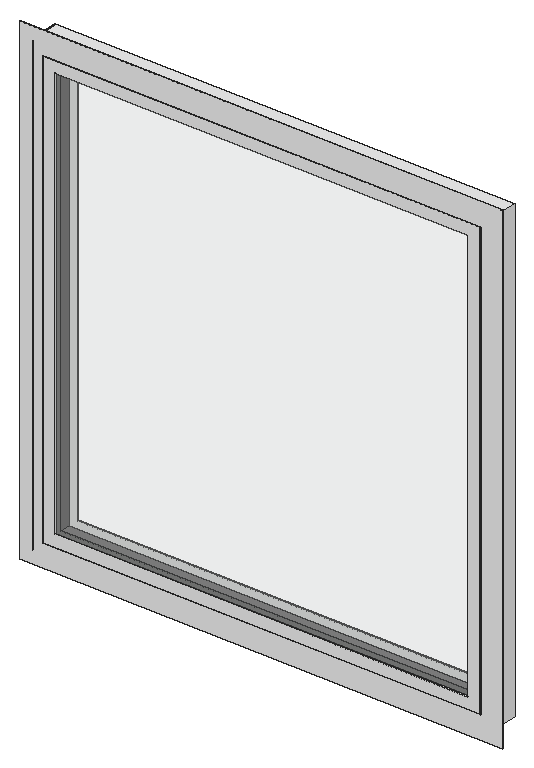
Revit family "Casement_28_A_Side_Hung_Standard", category Windows, host Wall, Revit 2014
Parameters (values of type "Casement_Sash_DG")
  Width Sash [instance] = 30 mm
  Width Sash Inner = 15 mm
  Width Bead = 15 mm
  Top Hung [instance] = yes
  Side Hung Right [instance] = yes
  Side Hung Left [instance] = yes
  Sash Opening Width [instance] = 600 mm
  Sash Opening Height [instance] = 600.312 mm
  Sash Lip = 15 mm
  Glazing Material [instance] = Glass
  DG Start Piece 2 [instance] = DG End Piece 1 + DG Gasket Thickness  # 25 mm
  DG Start Peice 1 [instance] = (Depth Sash - (2 * DG Glazing Thickness) - DG Gasket Thickness) / 2  # 6.6 mm
  Glazing Offset = 5 mm
  DG Glazing Thickness [instance] = 6.4 mm
  DG Gasket Thickness = 12 mm  # constant formula
  DG Gasket Material [instance] = Double Glazing Gasket Material
  DG End Piece 2 [instance] = DG Start Piece 2 + DG Glazing Thickness  # 31.4 mm
  DG End Piece 1 [instance] = DG Start Peice 1 + DG Glazing Thickness  # 13 mm
  Depth Sash [instance] = 38 mm
  Center Vertical Sash [instance] = Sash Opening Height / 2  # 300.156 mm
  Center Horizontal Sash [instance] = Sash Opening Width / 2  # 300 mm
  Bottom Hung [instance] = yes
  Bead Offset = 15 mm
  Aluminium Thickness = 1 mm
  Aluminium Material [instance] = White Powder Coated Aluminium
Reference planes
  plane 1 "Center (Front/Back)": y = 0
  plane 2: z = 0
  plane 3 "Center (Left/Right)": x = 0
Forms (mm)
  Sweep 1, solid, material "White Powder Coated Aluminium" <- "Aluminium Material"
    path origin (16.177, 0, 121.331) x (1, 0, 0) y (0, 0, 1)
      loop
        line (0, 0) -> (600, 0) -> (600, 600.312) -> (0, 600.312) -> (0, 0)
    profile origin (316.177, 0, 121.331) x (0, 0, 1) y (0, -1, 0)
      loop
        line (0, 0) -> (30, 0) -> (30, 1) -> (15, 1) -> (15, 38) -> (-15, 38) -> (-15, 37) -> (0, 37) -> (0, 0)
      loop
        line (14, 1) -> (14, 37) -> (1, 37) -> (1, 1) -> (14, 1)
  Sweep 2, solid, material "White Powder Coated Aluminium" <- "Aluminium Material"
    path origin (0, 0, 0) x (1, 0, 0) y (0, 0, 1)
      loop
        line (31.177, 706.643) -> (31.177, 136.331) -> (601.177, 136.331) -> (601.177, 706.643) -> (31.177, 706.643)
    profile origin (316.177, 0, 706.643) x (0, 0, 1) y (0, -1, 0)
      loop
        line (0, 37) -> (0, 38) -> (-15, 38) -> (-15, 37) -> (0, 37)
  Extrusion 3, solid, material "Glass" <- "Glazing Material"
    sketch origin (0, 0, 0) x (1, 0, 0) y (0, 0, 1)
      loop
        line (36.177, 701.643) -> (36.177, 141.331) -> (596.177, 141.331) -> (596.177, 701.643) -> (36.177, 701.643)
    from 6.6 <- "DG Start Peice 1" to 13 <- "DG End Piece 1"
  Extrusion 4, solid, material "Glass" <- "Glazing Material"
    sketch origin (0, 0, 0) x (1, 0, 0) y (0, 0, 1)
      loop
        line (36.177, 701.643) -> (36.177, 141.331) -> (596.177, 141.331) -> (596.177, 701.643) -> (36.177, 701.643)
    from 31.4 <- "DG End Piece 2" to 25 <- "DG Start Piece 2"
  Sweep 5, solid, material "Double Glazing Gasket Material" <- "DG Gasket Material"
    path origin (0, -13, 0) x (1, 0, 0) y (0, 0, 1)
      loop
        line (36.177, 701.643) -> (36.177, 141.331) -> (596.177, 141.331) -> (596.177, 701.643) -> (36.177, 701.643)
    profile origin (316.177, -13, 701.643) x (0, 0, 1) y (0, -1, 0)
      loop
        line (0, 0) -> (0, 12) -> (-7.96, 12) -> (-7.96, 0) -> (0, 0)
Lines and regions (mm)
  model lines
    curve 1: line (1.177, -38, 736.643) -> (31.177, -38, 706.643)
    curve 2: line (601.177, -38, 706.643) -> (631.177, -38, 736.643)
    curve 3: line (601.177, -38, 136.331) -> (631.177, -38, 106.331)
    curve 4: line (1.177, -38, 106.331) -> (31.177, -38, 136.331)
    curve 5: line (631.177, -37, 736.643) -> (616.177, -37, 721.643)
    curve 6: line (1.177, -37, 736.643) -> (16.177, -37, 721.643)
    curve 7: line (1.177, -37, 106.331) -> (16.177, -37, 121.331)
    curve 8: line (631.177, -37, 106.331) -> (616.177, -37, 121.331)
    curve 9: line (616.177, 0, 121.331) -> (586.177, 0, 151.331)
    curve 10: line (46.177, 0, 151.331) -> (16.177, 0, 121.331)
    curve 11: line (616.177, 0, 721.643) -> (586.177, 0, 691.643)
    curve 12: line (46.177, 0, 691.643) -> (16.177, 0, 721.643)
    curve 13: line (31.177, -38, 691.643) -> (46.177, -38, 691.643)
    curve 14: line (586.177, -38, 691.643) -> (601.177, -38, 691.643)
    curve 15: line (586.177, -38, 151.331) -> (601.177, -38, 151.331)
    curve 16: line (31.177, -38, 151.331) -> (46.177, -38, 151.331)
  model lines, style "GenericModelHiddenLines", visible <- "Top Hung"
    curve 17: line (46.386, -31.4, 690.914) -> (316.177, -31.4, 151.331)
    curve 18: line (316.177, -31.4, 151.331) -> (586.177, -31.4, 691.331)
  model lines, style "GenericModelHiddenLines", visible <- "Bottom Hung"
    curve 19: line (46.177, -31.4, 151.331) -> (316.177, -31.4, 691.331)
    curve 20: line (316.177, -31.4, 691.331) -> (586.177, -31.4, 151.331)
  model lines, style "GenericModelHiddenLines", visible <- "Side Hung Left"
    curve 21: line (46.386, -31.4, 690.914) -> (585.24, -31.4, 421.487)
    curve 22: line (585.24, -31.4, 421.487) -> (46.177, -31.4, 151.331)
  model lines, style "GenericModelHiddenLines", visible <- "Side Hung Right"
    curve 23: line (586.177, -31.4, 691.331) -> (46.177, -31.4, 421.487)
    curve 24: line (46.177, -31.4, 421.487) -> (586.177, -31.4, 151.331)
Dimensions and locks
  "Aluminium Thickness": Sweep 1 sketch curve to Sweep 1 sketch curve  (x4)
  "Depth Sash": Sweep 1 sketch curve to Sweep 1 sketch curve
  "Sash Opening Width": Sweep 1 to Sweep 1
  "Sash Opening Height": Sweep 1 to Sweep 1
  "Width Sash": Sweep 1 sketch curve to Sweep 1 sketch curve  (x2)
  "Width Sash Inner": Sweep 1 sketch curve to Sweep 1 sketch curve
  "Sash Lip": Sweep 1 sketch curve to Sweep 1 sketch curve
  "Aluminium Thickness": Sweep 1 to Sweep 2 sketch curve
  "Glazing Offset": Sweep 2 to Extrusion 3 sketch curve  (x3)
  "Glazing Offset": Extrusion 3 sketch curve to Sweep 2
  Sweep 1 to Sweep 1 = 1 mm
  "Aluminium Thickness": Sweep 2 sketch curve to Sweep 2 sketch curve
  "Width Bead": Sweep 2 sketch curve to Sweep 2 sketch curve
  locked: Sweep 5 sketch curve to Sweep 5 sketch curve at 7.96
  "Center Horizontal Sash": Sweep 1 to curve 18
  "Center Horizontal Sash": Sweep 1 to curve 20
  "Center Vertical Sash": Sweep 1 to curve 22
  "Center Vertical Sash": Sweep 1 to curve 24
  aligned and locked: level to plane 2
  aligned and locked: Sweep 1 sketch curve to Sweep 1 sketch curve  (x2)
  aligned and locked: Sweep 2 sketch curve to Sweep 1  (x5)
  aligned and locked: Extrusion 4 sketch curve to Extrusion 3  (x4)
  aligned and locked: Sweep 5 sketch curve to Extrusion 3  (x5)
  aligned and locked: Extrusion 3 to Sweep 5 sketch curve
Automatic sketch dimensions
  plane 3 "Center (Left/Right)" to Sweep 1 sketch curve = 16.177 mm
  level to Sweep 1 sketch curve = 121.331 mm
  plane 3 "Center (Left/Right)" to Sweep 1 sketch curve = 616.177 mm
  level to Sweep 1 sketch curve = 721.643 mm
  profile plane to Sweep 5 sketch curve = 12 mm
  curve 7 to Sweep 1 = 0 mm  (x4)
  curve 6 to Sweep 1 = 0 mm  (x3)
  Sweep 1 to curve 6 = 0 mm
  curve 5 to Sweep 1 = 0 mm  (x3)
  curve 8 to Sweep 1 = 0 mm  (x4)
  Sweep 1 to curve 5 = 0 mm
  curve 16 to Sweep 2 = 0 mm  (x3)
  curve 13 to Sweep 2 = 0 mm  (x3)
  curve 15 to Sweep 2 = 0 mm
  Sweep 2 to curve 15 = 0 mm  (x2)
  curve 14 to Sweep 2 = 0 mm  (x2)
  Sweep 2 to curve 14 = 0 mm
  curve 1 to Sweep 1 = 0 mm  (x4)
  curve 4 to Sweep 1 = 0 mm  (x3)
  Sweep 1 to curve 4 = 0 mm
  curve 3 to Sweep 1 = 0 mm  (x3)
  curve 2 to Sweep 1 = 0 mm  (x4)
  Sweep 1 to curve 3 = 0 mm
  curve 10 to Sweep 1 = 0 mm  (x4)
  curve 12 to Sweep 1 = 0 mm  (x3)
  Sweep 1 to curve 12 = 0 mm
  curve 9 to Sweep 1 = 0 mm  (x4)
  curve 11 to Sweep 1 = 0 mm  (x3)
  Sweep 1 to curve 11 = 0 mm
  Sweep 1 sketch curve to plane 1 "Center (Front/Back)" = 0 mm
  profile plane to Sweep 1 sketch curve = 0 mm
  curve 21 to Extrusion 4 = 10.208 mm
  curve 19 to Extrusion 4 = 10 mm
  curve 23 to Extrusion 4 = 10 mm  (x2)
  curve 22 to Extrusion 4 = 10.937 mm
  curve 20 to Extrusion 4 = 10 mm
  curve 24 to Extrusion 4 = 10 mm
  curve 22 to Extrusion 4 = 10 mm
  curve 18 to Extrusion 4 = 10 mm
  curve 21 to Extrusion 4 = 10.729 mm
  curve 19 to Extrusion 4 = 10.312 mm
  curve 18 to Extrusion 4 = 10.312 mm
Types in the file's own list only (6): name | Windload Design | Width Sash Opening | Width Sash | Width Profile | Width | URL | Offset Window Exterior | Max Pane Area | Intruderprufe U Value | Intruderprufe SHGC Value | Intruderprufe LowE U Value | Intruderprufe LowE SHGC Value | Height | Energy Advantage U Value | Energy Advantage SHGC Value | Custom Window Width | Custom Window Height | Window Exterior Offset | Custom Windload | Sash Width | Sash Height | Single Glazing | Sash Spacing Inner | Sash Overlap | Sash Center Offset | SG Gasket Thickness | Offset Sash Left | Offset Sash 1 Top | Offset Bead SG Center Reversed | Model | Manufacturer | Limit Window Width Min | Limit Window Width Max | Limit Window Height Min | Limit Window Height Max | Limit Sash Width Min | Limit Sash Width Max | Limit Sash Height Min | Limit Sash Height Max | Height Sash 1 Opening | Height Sash | Description | Frame Center Offset | Depth Bead | Default Sill Height | Wall Closure | Clearvue U Value | Clearvue SHGC Value | Casement Dimension | Bead SG Gap
  28-0609S-1000Pa | 1000 mm | 544 mm | 514 mm | 30 mm | 590 mm | "http://www.crealco.co.za/crealco-products.php" | 14 mm | 0.37 m² | 6.04 | 0.552 | 4.49 | 0.507 | 890 mm | 4.75 | 5.14 | 590 mm | 890 mm | 0 mm | 1000 mm | 544 mm | 844 mm | Yes | 8 mm | 7 mm | 11 mm | 6 mm | 23 mm | 23 mm | 14 mm | "Casement 28" | "Crealco" | 346 mm | 646 mm | 346 mm | 1246 mm | 300 mm | 600 mm | 300 mm | 1200 mm | 844 mm | 814 mm | "Window 28mm, Type A side hung" | 14 mm | 14 mm | 800 mm | By host | 6.13 | 0.557 | 28 mm | 13 mm
  28-0612S-1000Pa | 1000 mm | 544 mm | 514 mm | 30 mm | 590 mm | "http://www.crealco.co.za/crealco-products.php" | 14 mm | 0.51 m² | 6.01 | 0.545 | 4.46 | 0.517 | 1190 mm | 4.67 | 0.53 | 590 mm | 1190 mm | 0 mm | 1000 mm | 544 mm | 1144 mm | Yes | 8 mm | 7 mm | 11 mm | 6 mm | 23 mm | 23 mm | 14 mm | "Casement 28" | "Crealco" | 346 mm | 646 mm | 346 mm | 1246 mm | 300 mm | 600 mm | 300 mm | 1200 mm | 1144 mm | 1114 mm | "Window 28mm, Type A side hung" | 14 mm | 14 mm | 800 mm | By host | 6.11 | 0.582 | 28 mm | 13 mm
  28-0609S-1500Pa | 1500 mm | 544 mm | 514 mm | 30 mm | 590 mm | "http://www.crealco.co.za/crealco-products.php" | 14 mm | 0.37 m² | 6.04 | 0.552 | 4.49 | 0.507 | 890 mm | 4.75 | 5.14 | 590 mm | 890 mm | 0 mm | 1500 mm | 544 mm | 844 mm | Yes | 8 mm | 7 mm | 11 mm | 6 mm | 23 mm | 23 mm | 14 mm | "Casement 28" | "Crealco" | 346 mm | 646 mm | 346 mm | 1246 mm | 300 mm | 600 mm | 300 mm | 1200 mm | 844 mm | 814 mm | "Window 28mm, Type A side hung" | 14 mm | 14 mm | 800 mm | By host | 6.13 | 0.557 | 28 mm | 13 mm
  28-0609S-2000Pa | 2000 mm | 544 mm | 514 mm | 30 mm | 590 mm | "http://www.crealco.co.za/crealco-products.php" | 14 mm | 0.37 m² | 6.04 | 0.552 | 4.49 | 0.507 | 890 mm | 4.75 | 5.14 | 590 mm | 890 mm | 0 mm | 2000 mm | 544 mm | 844 mm | Yes | 8 mm | 7 mm | 11 mm | 6 mm | 23 mm | 23 mm | 14 mm | "Casement 28" | "Crealco" | 346 mm | 646 mm | 346 mm | 1246 mm | 300 mm | 600 mm | 300 mm | 1200 mm | 844 mm | 814 mm | "Window 28mm, Type A side hung" | 14 mm | 14 mm | 800 mm | By host | 6.13 | 0.557 | 28 mm | 13 mm
  28-0612S-1500Pa | 1500 mm | 544 mm | 514 mm | 30 mm | 590 mm | "http://www.crealco.co.za/crealco-products.php" | 14 mm | 0.51 m² | 6.01 | 0.545 | 4.46 | 0.517 | 1190 mm | 4.67 | 0.53 | 590 mm | 1190 mm | 0 mm | 1500 mm | 544 mm | 1144 mm | Yes | 8 mm | 7 mm | 11 mm | 6 mm | 23 mm | 23 mm | 14 mm | "Casement 28" | "Crealco" | 346 mm | 646 mm | 346 mm | 1246 mm | 300 mm | 600 mm | 300 mm | 1200 mm | 1144 mm | 1114 mm | "Window 28mm, Type A side hung" | 14 mm | 14 mm | 800 mm | By host | 6.11 | 0.582 | 28 mm | 13 mm
  28-0612S-2000Pa | 2000 mm | 544 mm | 514 mm | 30 mm | 590 mm | "http://www.crealco.co.za/crealco-products.php" | 14 mm | 0.51 m² | 6.01 | 0.545 | 4.46 | 0.517 | 1190 mm | 4.67 | 0.53 | 590 mm | 1190 mm | 0 mm | 2000 mm | 544 mm | 1144 mm | Yes | 8 mm | 7 mm | 11 mm | 6 mm | 23 mm | 23 mm | 14 mm | "Casement 28" | "Crealco" | 346 mm | 646 mm | 346 mm | 1246 mm | 300 mm | 600 mm | 300 mm | 1200 mm | 1144 mm | 1114 mm | "Window 28mm, Type A side hung" | 14 mm | 14 mm | 800 mm | By host | 6.11 | 0.582 | 28 mm | 13 mm
